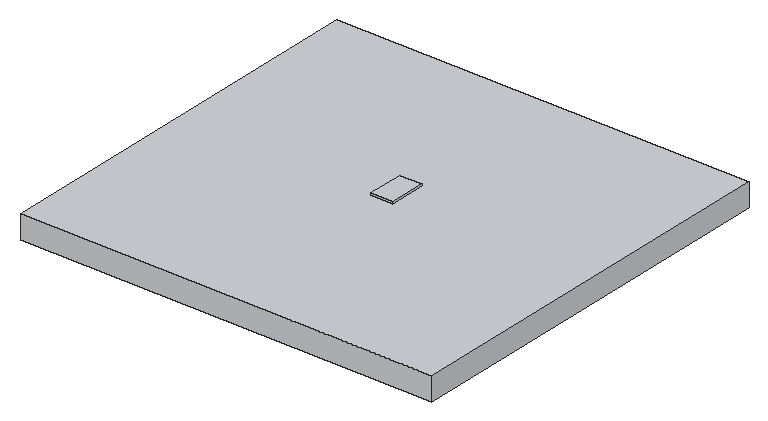
Revit family "M_Tomada de fiação dividida", category Iluminação elétrica, Revit 2019
Family settings
  Hospedeiro = Face
  Manter orientação da anotação = Sim
  Cota do conector redondo = Utilizar diâmetro
  Tipo de parte = Normal
  Número OmniClass = 23.80.50.11.17
  Título OmniClass = Ground Fault Receptacles
  ID de item do Seek = Split Wired Receptacle-0000-CAN-ENU
  Corte com vazios quando carregada = Não
  Compartilhado = Não
  Ponto de cálculo do ambiente = Não
Parameters (values of type "Padrão")
  Voltagem do interruptor = 120 V
  Classificação de carga = Receptáculo
  Carga = 180 VA
  Elevação-padrão = 460 mm
  Assembly Code = ""
Reference planes
  plane 1 "Centro (Frente/Trás)": y = 0
  plane 2: z = 0
  plane 3 "Centro (Esquerda/Direita)": x = 0
  plane 4: x = -34.925
  plane 5: x = 34.925
  plane 6: x = -19.05
  plane 7: x = 19.05
  plane 8: y = 57.15
  plane 9: y = -57.15
  plane 10: y = 38.1
  plane 11: y = -38.1
  plane 12 "nível acima": z = 4.762
  plane 13 "nível abaixo": z = -53.975
Forms (mm)
  Extrusion 1, solid
    sketch origin (0, 0, 0) x (1, 0, 0) y (0, 1, 0)
      loop
        line (-644.525, 571.5) -> (-644.525, -666.75) -> (644.525, -666.75) -> (644.525, 571.5) -> (-644.525, 571.5)
    from 0 to -72.672
  Extrusion 2, solid
    sketch origin (0, 0, 0) x (1, 0, 0) y (0, 1, 0)
      loop
        line (-34.925, 57.15) -> (-34.925, -57.15) -> (34.925, -57.15) -> (34.925, 57.15) -> (-34.925, 57.15)
    from 0 to 4.762
  Extrusion 3, solid
    sketch origin (0, 0, 0) x (1, 0, 0) y (0, 1, 0)
      loop
        line (-19.05, 38.1) -> (-19.05, -38.1) -> (19.05, -38.1) -> (19.05, 38.1) -> (-19.05, 38.1)
    from 0 to -53.975
Lines and regions (mm)
  symbolic lines, detail levels fine
    curve 1: line (34.925, 0, 0) -> (-34.925, 0, 0)
    curve 2: line (34.925, 0, 4.762) -> (34.925, 0, 0)
    curve 3: line (-34.925, 0, 4.762) -> (34.925, 0, 4.762)
    curve 4: line (-34.925, 0, 0) -> (-34.925, 0, 4.762)
    curve 5: line (19.05, 0, -53.975) -> (-19.05, 0, -53.975)
    curve 6: line (19.05, 0, 0) -> (19.05, 0, -53.975)
    curve 7: line (-19.05, 0, -53.975) -> (-19.05, 0, 0)
Dimensions and locks
  equal spacing: plane 6, plane 3 "Centro (Esquerda/Direita)", plane 7, locked at 19.05 each
  locked: plane 6 to plane 7 at 38.1
  equal spacing: plane 4, plane 3 "Centro (Esquerda/Direita)", plane 5, locked at 34.925 each
  locked: plane 4 to plane 5 at 69.85
  locked: plane 8 to plane 9 at 114.3
  locked: plane 12 "nível acima" to level at 4.763
  locked: level to plane 13 "nível abaixo" at 53.975
  locked: plane 10 to plane 11 at 76.2
  equal spacing: plane 10, plane 1 "Centro (Frente/Trás)", plane 11, locked at 38.1 each
  equal spacing: plane 8, plane 1 "Centro (Frente/Trás)", plane 9, locked at 57.15 each
  aligned and locked: plane 2 to Extrusion 1
  aligned and locked: level to Extrusion 1
  aligned and locked: plane 8 to Extrusion 2
  aligned and locked: Extrusion 2 to plane 9
  aligned and locked: plane 5 to Extrusion 2
  aligned and locked: Extrusion 2 to plane 4
  aligned and locked: Extrusion 2 to level
  aligned and locked: plane 12 "nível acima" to Extrusion 2
  aligned and locked: plane 10 to Extrusion 3
  aligned and locked: Extrusion 3 to plane 6
  aligned and locked: plane 7 to Extrusion 3
  aligned and locked: Extrusion 3 to plane 11
  aligned and locked: Extrusion 3 to level
  aligned and locked: Extrusion 3 to plane 13 "nível abaixo"
  aligned and locked: curve 4 to plane 4
  aligned and locked: plane 5 to curve 2
  aligned and locked: curve 3 to plane 12 "nível acima"
  aligned and locked: plane 2 to curve 1
  aligned and locked: curve 7 to plane 6
  aligned and locked: plane 7 to curve 6
  aligned and locked: plane 13 "nível abaixo" to curve 5
  aligned and locked: plane 1 "Centro (Frente/Trás)" to nested 1
  aligned and locked: plane 3 "Centro (Esquerda/Direita)" to nested 1
Automatic sketch dimensions
  Extrusion 2 sketch curve to plane 4 = 0 mm
  Extrusion 2 sketch curve to plane 5 = 0 mm
  Extrusion 2 sketch curve to plane 9 = 0 mm
  Extrusion 2 sketch curve to plane 8 = 0 mm
  Extrusion 3 sketch curve to plane 6 = 0 mm
  Extrusion 3 sketch curve to plane 7 = 0 mm
  Extrusion 3 sketch curve to plane 11 = 0 mm
  Extrusion 3 sketch curve to plane 10 = 0 mm
  Extrusion 1 sketch curve to Extrusion 1 sketch curve = 1289.05 mm
  Extrusion 1 sketch curve to Extrusion 1 sketch curve = 1238.25 mm
Nested families
  nested 1: "M_Anotação de tomada 2" at (0, 0, 0), type "Anotação de tomada 2", detail levels coarse+medium
Connectors
  electrical at (0, 38.1, -26.988), driven by "Voltagem do interruptor", driven by "Carga", driven by "Classificação de carga"
    settings: on Extrusion 3, index 1, voltage 120 V, apparent load 0 VA, apparent load phase1 180 VA, apparent load phase2 0 VA, apparent load phase3 0 VA, power factor 1, load classification "Receptáculo", number of poles 1, system type 31, power factor state 1, is connector primary yes, connector utility no, sub classification motor no, connector description ""
Definition of nested family "M_Anotação de tomada 2"
  Parameters
    Anotação de legenda = ""
  Reference planes
    plane 1: y = 0
    plane 2: x = 0
  Lines and regions (mm)
    Filled region 1, type "Região preenchida 1"
      outline origin (0, 0, 0) x (1, 0, 0) y (0, 1, 0)
        loop
          arc (-0.397, 4.712) -> (-1.588, 3.175) -> (-0.397, 1.638) r 1.588
          line (-0.397, 1.638) -> (-0.397, 4.712)
    reference lines
      curve 1: line (-14.331, 3.175, 0) -> (15.536, 3.175, 0)
    detail lines
      curve 2: circle (0, 3.175, 0) r 1.588 normal (0, 0, 1)
      curve 3: line (-0.397, 4.712, 0) -> (-0.397, 0, 0)
      curve 4: line (0.397, 4.712, 0) -> (0.397, 0, 0)
  Dimensions and locks
    locked: plane 1 to curve 1 at 3.175
    locked: curve 3 to plane 2 at 0.397
    locked: plane 2 to curve 4 at 0.397
    radius of curve 2 = 1.588 mm
    aligned and locked: curve 1 to curve 2
    aligned and locked: plane 2 to curve 2
    aligned and locked: plane 1 to curve 4
